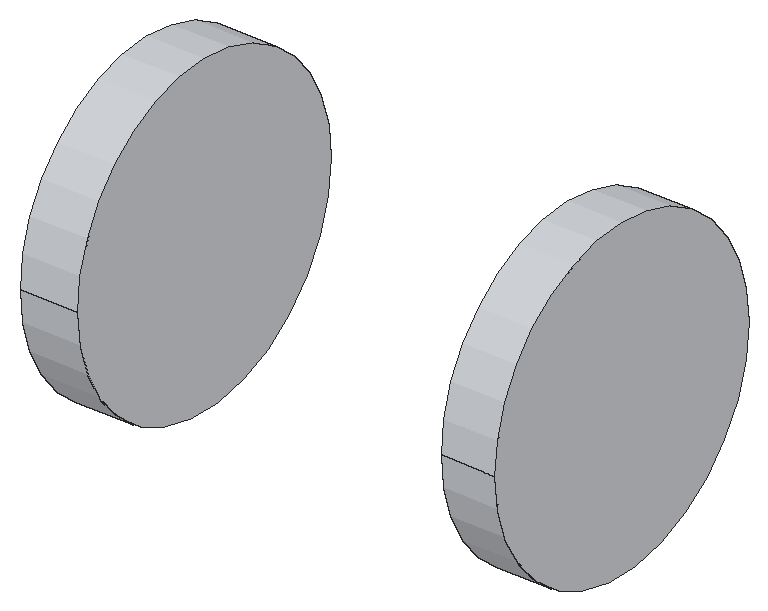
Revit family "ACM 125 T - Copy", category Mechanical Equipment, Revit 2013
Parameters (values of type "ACM 200")
  Width = "223mm"
  Weight = "3.3kg"
  Warranty period = "Unit 2 Years"
  Spigot Diameter = "199.5mm"
  Spigot Depth = "n/a"
  Product Description = "ACM 200"
  Part Number = "17106010"
  Operational and Maintenance Manual = "http://www.vent-axia.com/files/pdf-downloads/439305.pdf"
  Operating Temperature = "(-5C to +40C)"
  Operating Humidity = "n/a"
  Motor Rating = "114 Watts (max)"
  Manufacturer - Website = "www.vent-axia.com"
  Manufacturer - Name = "Vent-Axia Ltd"
  Manufacturer - Email = "sales@vent-axia.com"
  Manufacturer - Contact Phone = "0844 856 0590"
  Manufacturer - Address = "Fleming Way, Crawley, West Sussex RH10 9YX"
  IP Rating = "IP44"
  Height = "276mm\r\n220mm"
  Grille Depth = "n/a"
  Depth = "300mm"
  Country of Manufacture = "UK"
  Category = "ACM"
  AC Voltage Input = "220-240 V AC (single phase)"
  AC Frequency Input = "50Hz nominal"
Reference planes
  plane 1 "Center (Front/Back)": y = 0
  plane 2: z = 0
  plane 3 "Center (Left/Right)": x = 0
  plane 4: x = 151.452
  plane 5: x = -148.25
  plane 6: y = 95.25
  plane 7: y = -105.25
  plane 8: z = 150
  plane 9: z = -130
  plane 10: y = 118.811
  plane 11: y = -129.189
  plane 12: y = 111.5
Forms (mm)
  Extrusion 1, solid
    sketch origin (0, 0, 0) x (0, 1, 0) y (0, 0, 1)
      loop
        circle (-5, 0) r 100
    from 124.877 to 158.952
  Extrusion 2, solid
    sketch origin (-265, 0, 0) x (0, 1, 0) y (0, 0, 1)
      loop
        circle (-5, 0) r 100
    from 123.722 to 160
  Extrusion 3, solid, detail levels coarse+medium
    sketch origin (12.074, 253.949, 0) x (1, 0, 0) y (0, 1, 0)
      loop
        line (-187.074, -118.949) -> (-187.074, -402.05) -> (176.163, -402.05) -> (176.163, -118.949) -> (-187.074, -118.949)
    from -129.153 to 165
Dimensions and locks
  plane 7 to plane 6 = 200.5 mm
  plane 8 to plane 9 = 280 mm  (x2)
  plane 5 to plane 4 = 299.702 mm
  plane 11 to plane 10 = 248 mm  (x2)
Connectors
  hvac at (158.952, -5, 0)
    settings: on Extrusion 1, index 1, duct flow 0.0 L/s, flow factor 0, pres drop 0.0 Pa, loss coef 0, conn angle 0.00°, conn width 304.8 mm, conn height 304.8 mm, conn radius 100 mm, duct sys type 2, conn prof type 0, flow config 0, flow direction 2, loss method 0, conn ref index -1, conn util no, is conn primary yes, conn desc ""
  hvac at (-141.278, -5, 0)
    settings: on Extrusion 2, index 2, duct flow 0.0 L/s, flow factor 0, pres drop 0.0 Pa, loss coef 0, conn angle 0.00°, conn width 304.8 mm, conn height 304.8 mm, conn radius 100 mm, duct sys type 2, conn prof type 0, flow config 0, flow direction 2, loss method 0, conn ref index -1, conn util no, is conn primary no, conn desc ""
